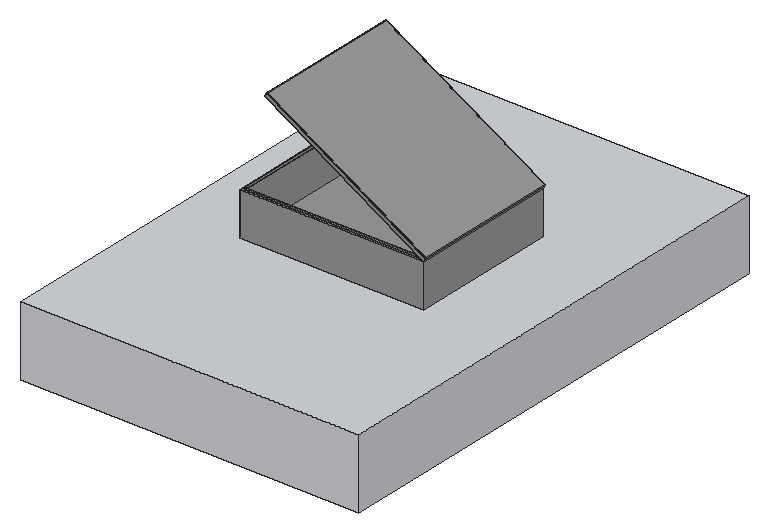
Revit family "Hager-Univers-IP44-D205-H650-Cl.II-Encl-AT-de", category Equipement électrique, Revit 2020
Family settings
  Hôte = Face
  Configuration du panneau = Deux colonnes, circuits au sein
  Cote de connecteur circulaire = Utiliser le diamètre
  Type d'élément = Tableau de raccordement
  Couper avec des vides une fois chargée = Non
  Partagée = Non
  Point de calcul de pièce = Non
Parameters (values of type "Aufputz IP44 B800 H650 T205  - FP43SN2")
  Width Control [instance] = if([EF000008 - Breite] > Min Width, [EF000008 - Breite], Min Width)  # 800 mm
  Commentaires du type = [HG000003 - Bereich]  # "Univers"
  Thickness Door [instance] = if([EF009171 - Materialstärke Tür/Deckel] > 3 mm, 3 mm, [EF009171 - Materialstärke Tür/Deckel])  # 1 mm
  Seal Frame Offset [instance] = 17 mm  # constant formula
  Plinth Visibility [instance] = [HG000027 - Sockelhöhe] > 0 mm  # no
  Model = ""
  Min Width [instance] = 100 mm  # constant formula
  Min Height [instance] = 100 mm  # constant formula
  Min Depth [instance] = (2 * [EF009170 - Materialstärke Gehäuse]) + 1 mm  # 3 mm
  Internal Frame Depth [instance] = (Door System Depth * 0.5)  # 9 mm
  Height Control [instance] = if([EF000040 - Höhe] > Min Height, [EF000040 - Höhe], Min Height)  # 650 mm
  HG000027 - Sockelhöhe = 0 mm
  HG000026 - Stehend auf dem Boden = no
  HG000024 - Höhe des unteren Teils = 800 mm
  HG000023 - Gehäuse mit doppeltem Querschnitt = no
  HG000016 - 3D-Türsichtbarkeit [instance] = yes
  HG000015 - Sichtbarkeit der Türöffnung [instance] = no
  HG000014 - Tür rechts [instance] = yes
  HG000013 - Tür links [instance] = not([HG000014 - Tür rechts])  # no
  HG000012 - Türschwenkwinkel [instance] = 30.00°
  HG000010 - Asymmetrische Türen = no
  HG000009 - Doppelflügeligen Tür = no
  HG000006 - Unterputz = no
  HG000004 - Herstellerreferenz = "FP43SN2"
  HG000003 - Bereich = "Univers"
  HG000002 - Mit tür = yes
  Frame Offset Bottom [instance] = 10 mm  # constant formula
  Frame Offset [instance] = 15 mm  # constant formula
  EF015940 - Deckel mit Überdruckentlastung = no
  EF011959 - Schutzart (NEMA) = ""
  EF009554 - Anzahl der Öffnungen für Flanschplatten = 6
  Fabricant = "Hager"  # constant formula
  EF009212 - Ausführung Deckel = "EV000116 - geschlossen"
  EF009171 - Materialstärke Tür/Deckel = 1 mm
  EF009170 - Materialstärke Gehäuse = 1 mm
  EF008873 - Nennstrom (In) = 250 A
  EF007800 - Geeignet für Blitzschutz = no
  EF006306 - Mit Schloss = no
  EF006244 - Transparenter Deckel/Tür = no
  EF005474 - Schutzart (IP) = "EV006418 - IP44"
  EF004464 - Art der Tür = "EV002646 - Einzel"
  EF004427 - Anzahl der Module = 144
  EF004293 - Schlagfestigkeit = "EV006815 - IK09"
  EF003532 - Geeignet für Außengebrauch = no
  EF002950 - Breite in Teilungseinheiten = 36
  EF001613 - Funktionserhalt = "EV000494 - ohne"
  EF001596 - Werkstoff des Gehäuses = "EV000179 - Stahl"
  EF001131 - Innentiefe = 143 mm
  EF001088 - Anbaumöglichkeit = yes
  EF000437 - Anzahl der Leitungseinführungen = 6
  EF000339 - Art der Abdeckung = "EV001012 - Deckel"
  EF000266 - Anzahl der Reihen = 4
  EF000218 - Einbautiefe = 205 mm
  EF000118 - Mit Montageplatte = no
  EF000116 - RAL-Nummer = "9010"
  EF000049 - Tiefe = 205 mm
  EF000040 - Höhe = 650 mm
  EF000008 - Breite = 800 mm
  EF000007 - Farbe = "EV000202 - weiß"
  EF000003 - Montageart = "EV000384 - Aufputz"
  Door System Leaf Tolerance [instance] = 1.5 mm  # constant formula
  Door System Depth [instance] = 18 mm  # constant formula
  Door Height [instance] = Height Control - [HG000027 - Sockelhöhe]  # 650 mm
  Depth Control [instance] = if([EF000049 - Tiefe] > Min Depth, [EF000049 - Tiefe], Min Depth)  # 205 mm
  Default Elevation = 0 mm
  Connector Offset [instance] = Height Control / 2  # 325 mm
  Bottom Top Plate Trim [instance] = 1.5 mm  # constant formula
  Plinth height Ctrl [instance] = if([HG000027 - Sockelhöhe] > 0 mm, [HG000027 - Sockelhöhe], 12 mm)  # 12 mm
Types (5, lengths in mm): name | Width Control | HG000010 - Asymmetrische Türen | HG000009 - Doppelflügeligen Tür | HG000004 - Herstellerreferenz | EF009554 - Anzahl der Öffnungen für Flanschplatten | EF004464 - Art der Tür | EF004427 - Anzahl der Module | EF002950 - Breite in Teilungseinheiten | EF000437 - Anzahl der Leitungseinführungen | EF000008 - Breite
  Aufputz IP44 B1050 H650 T205  - FP44SN2 | 1050 | no | yes | "FP44SN2" | 8 | "EV003602 - Doppel" | 192 | 48 | 8 | 1050
  Aufputz IP44 B1300 H650 T205  - FP45SN2 | 1300 | yes | yes | "FP45SN2" | 10 | "EV003602 - Doppel" | 240 | 60 | 10 | 1300
  Aufputz IP44 B300 H650 T205  - FP41SN2 | 300 | no | no | "FP41SN2" | 2 | "EV002646 - Einzel" | 48 | 12 | 2 | 300
  Aufputz IP44 B550 H650 T205  - FP42SN2 | 550 | no | no | "FP42SN2" | 4 | "EV002646 - Einzel" | 96 | 24 | 4 | 550
  Aufputz IP44 B800 H650 T205  - FP43SN2 | 800 | no | no | "FP43SN2" | 6 | "EV002646 - Einzel" | 144 | 36 | 6 | 800
Reference planes
  plane 1 "Center (Front/Back)": y = 0
  plane 2: z = 0
  plane 3 "Center (Left/Right)": x = 0
  plane 4: z = 205
  plane 5: y = 1
  plane 6: y = 325
  plane 7: y = 0
  plane 8: y = 650
  plane 9: z = 0
  plane 10: x = -385
  plane 11: x = 385
  plane 12: x = 384
  plane 13: x = -384
  plane 14: y = 649
  plane 15: x = -383
  plane 16: x = -400
  plane 17: x = 383
  plane 18: x = 400
  plane 19: x = 399
  plane 20: x = -399
  plane 21: y = 11
  plane 22: y = 650
  plane 23: y = 634
  plane 24: z = 187
  plane 25: z = 1
  plane 26: z = 186
  plane 27: z = 204
Forms (mm)
  Extrusion 1, solid
    sketch origin (0, 0, 0) x (1, 0, 0) y (0, 1, 0)
      loop
        line (-702.964, 1305) -> (-702.964, -811.445) -> (766.763, -811.445) -> (766.763, 1305) -> (-702.964, 1305)
    from 0 to -304.8
  Extrusion 2, solid, material "Hager_Steel_RAL7035_Light_Grey", visible <- "Plinth Visibility", detail levels medium+fine
    sketch origin (0, 0, 0) x (1, 0, 0) y (0, 1, 0)
      loop
        line (-400, 0) -> (400, 0) -> (400, 12) -> (-400, 12) -> (-400, 0)
    from 0 to 187
  Extrusion 3, solid, material "Hager_Steel_RAL7035_Light_Grey", detail levels medium+fine
    sketch origin (0, 0, 0) x (1, 0, 0) y (0, 1, 0)
      loop
        line (-400, 0) -> (400, 0) -> (400, 650) -> (-400, 650) -> (-400, 0)
    from 0 to 187
  Extrusion 4, void
    sketch origin (0, 0, 0) x (1, 0, 0) y (0, 1, 0)
      loop
        line (-399, 1) -> (399, 1) -> (399, 649) -> (-399, 649) -> (-399, 1)
    from 1 to 186
  Extrusion 5, void
    sketch origin (-381.607, -4572, 187) x (0, -1, 0) y (-1, 0, 0)
      loop
        line (-4583, 2.393) -> (-5206, 2.393) -> (-5206, -765.607) -> (-4583, -765.607) -> (-4583, 2.393)
    from 0 to 1 <- "EF009170 - Materialstärke Gehäuse"
  Extrusion 6, solid, material "Hager_Steel_RAL7035_Light_Grey", detail levels fine
    sketch origin (0, 0, 187) x (1, 0, 0) y (0, 1, 0)
      loop
        line (-384, 634) -> (-384, 11) -> (384, 11) -> (384, 634) -> (-384, 634)
      loop
        line (-385, 10) -> (385, 10) -> (385, 635) -> (-385, 635) -> (-385, 10)
    from 0 to 9 <- "Internal Frame Depth"
  Extrusion 7, solid, material "Hager_Steel_RAL7035_Light_Grey", detail levels coarse
    sketch origin (0, 0, 0) x (1, 0, 0) y (0, 1, 0)
      loop
        line (-400, 0) -> (400, 0) -> (400, 650) -> (-400, 650) -> (-400, 0)
    from 0 to 205
  Sweep 8, void
    path in 3D
      loop
        line (-400, 12, 0) -> (400, 12, 0) -> (400, 12, 187) -> (-400, 12, 187) -> (-400, 12, 0)
    profile origin (-400, 12, 93.5) x (-1, 0, 0) y (0, -1, 0)
      loop
        line (0, 0) -> (0, 1.5) -> (-1.5, 1.5)
        arc (-1.5, 1.5) -> (-1.061, 0.439) -> (0, 0) r 1.5
Cuts and joins
  Extrusion 4, Extrusion 5 cuts Extrusion 3
  Sweep 8 cuts Extrusion 2
Lines and regions (mm)
  Masking region 1
    outline origin (0, 0, 0) x (1, 0, 0) y (0, 0, 1)
      loop
        line (-400, 205) -> (-400, 0) -> (400, 0) -> (400, 205) -> (-400, 205)
  Masking region 2, detail levels medium+fine
    outline origin (0, 140, 0) x (0, 1, 0) y (0, 0, 1)
      loop
        line (-140, 0) -> (510, 0) -> (510, 187) -> (-140, 187) -> (-140, 0)
  Masking region 3, not visible, detail levels medium+fine
    outline origin (0, 297.922, 0) x (0, 1, 0) y (0, 0, 1)
      loop
        line (38.578, 0) -> (78.578, 0) -> (78.578, 194)
        arc (78.578, 194) -> (75.649, 201.071) -> (68.578, 204) r 10
        line (68.578, 204) -> (38.578, 204) -> (38.578, 0)
  Masking region 4, detail levels coarse
    outline origin (0, 0, 180) x (0, 1, 0) y (0, 0, 1)
      loop
        line (0, -180) -> (650, -180) -> (650, 25) -> (0, 25) -> (0, -180)
  Masking region 5, visible <- "Plinth Visibility", detail levels medium+fine
    outline origin (0, 52.24, 12.345) x (0, 0, -1) y (0, 1, 0)
      loop
        line (10.845, -40.24) -> (-173.155, -40.24)
        arc (-173.155, -40.24) -> (-173.594, -41.301) -> (-174.655, -41.74) r 1.5
        line (-174.655, -41.74) -> (-174.655, -52.24) -> (12.345, -52.24) -> (12.345, -41.74)
        arc (12.345, -41.74) -> (11.285, -41.301) -> (10.845, -40.24) r 1.5
  Masking region 6, detail levels medium+fine
    outline origin (-381.607, -4572, 187) x (-1, 0, 0) y (0, -1, 0)
      loop
        line (18.393, -5222) -> (18.393, -4572) -> (-781.607, -4572) -> (-781.607, -5222) -> (18.393, -5222)
  Masking region 7, visible <- "Plinth Visibility", detail levels medium+fine
    outline origin (-381.607, -4727, 187) x (-1, 0, 0) y (0, -1, 0)
      loop
        arc (16.893, -4739) -> (17.332, -4737.939) -> (18.393, -4737.5) r 1.5
        line (18.393, -4737.5) -> (18.393, -4727) -> (-781.607, -4727) -> (-781.607, -4737.5)
        arc (-781.607, -4737.5) -> (-780.546, -4737.939) -> (-780.107, -4739) r 1.5
        line (-780.107, -4739) -> (16.893, -4739)
  Masking region 8, detail levels coarse
    outline origin (-442.548, -4669.526, 187) x (-1, 0, 0) y (0, -1, 0)
      loop
        line (-42.548, -5319.526) -> (-42.548, -4669.526) -> (-842.548, -4669.526) -> (-842.548, -5319.526) -> (-42.548, -5319.526)
  sketch lines
    curve 1: line (-400, 12, 187) -> (-400, 12, 0)
    curve 2: line (400, 12, 187) -> (-400, 12, 187)
    curve 3: line (400, 12, 187) -> (400, 12, 0)
    curve 4: line (-400, 12, 0) -> (400, 12, 0)
Dimensions and locks
  "Depth Control": plane 4 to Extrusion 1
  "HG000027 - Sockelhöhe": plane 1 "Center (Front/Back)" to plane 7
  "EF009170 - Materialstärke Gehäuse": plane 5 to plane 7
  locked: connector elem to plane 3 "Center (Left/Right)"
  equal spacing: plane 8, plane 6, plane 7
  locked: connector elem to plane 6
  "EF009170 - Materialstärke Gehäuse": plane 8 to plane 14
  "EF009170 - Materialstärke Gehäuse": plane 10 to plane 13
  "EF009170 - Materialstärke Gehäuse": plane 12 to plane 11
  "Frame Offset": plane 20 to plane 13
  "Frame Offset": plane 12 to plane 19
  "EF009170 - Materialstärke Gehäuse": plane 16 to plane 20
  "EF009170 - Materialstärke Gehäuse": plane 19 to plane 18
  "Seal Frame Offset": plane 16 to plane 15
  "Seal Frame Offset": plane 17 to plane 18
  "Frame Offset Bottom": plane 21 to plane 5
  "Frame Offset": plane 14 to plane 23
  equal spacing: plane 16, plane 3 "Center (Left/Right)", plane 18
  "Width Control": plane 16 to plane 18
  "EF009170 - Materialstärke Gehäuse": plane 4 to plane 27
  "EF009170 - Materialstärke Gehäuse": plane 24 to plane 26
  "EF009170 - Materialstärke Gehäuse": plane 25 to level
  "Door System Depth": plane 4 to plane 24
  "Height Control": plane 1 "Center (Front/Back)" to Extrusion 7 sketch curve
  "Height Control": Masking region 4 sketch curve to plane 1 "Center (Front/Back)"
  "Height Control": plane 1 "Center (Front/Back)" to plane 22
  "Bottom Top Plate Trim": profile plane to Sweep 8 sketch curve
  "Bottom Top Plate Trim": Sweep 8 sketch curve to profile plane
  "Plinth height Ctrl": plane 1 "Center (Front/Back)" to Extrusion 2 sketch curve
  "Plinth height Ctrl": Masking region 5 sketch curve to plane 1 "Center (Front/Back)"
  "Plinth height Ctrl": plane 1 "Center (Front/Back)" to Masking region 7 sketch curve
  "Thickness Door": Extrusion 6 sketch curve to Extrusion 6 sketch curve  (x3)
  "Thickness Door": cut or joined group of Extrusion 3, Extrusion 4, Extrusion 5 to Extrusion 6 sketch curve
  radius of Masking region 3 sketch curve = 10 mm
  "Bottom Top Plate Trim": radius of Masking region 5 sketch curve  (x2)
  "Bottom Top Plate Trim": radius of Sweep 8 sketch curve
  "Bottom Top Plate Trim": radius of Masking region 7 sketch curve  (x2)
  aligned and locked: plane 2 to Extrusion 1
  aligned and locked: level to Extrusion 1
  aligned and locked: level to Masking region 1 sketch curve
  aligned and locked: Masking region 1 sketch curve to plane 18
  aligned and locked: Masking region 1 sketch curve to plane 16
  aligned and locked: plane 7 to Masking region 2 sketch curve
  aligned and locked: level to Masking region 3 sketch curve
  aligned and locked: Masking region 3 sketch curve to plane 27
  aligned and locked: level to Masking region 2 sketch curve
  aligned and locked: plane 1 "Center (Front/Back)" to Extrusion 2 sketch curve
  aligned and locked: Extrusion 3 sketch curve to plane 7
  aligned and locked: plane 16 to Extrusion 3 sketch curve
  aligned and locked: plane 18 to Extrusion 3 sketch curve
  aligned and locked: plane 20 to Extrusion 4 sketch curve
  aligned and locked: plane 19 to Extrusion 4 sketch curve
  aligned and locked: Extrusion 4 sketch curve to plane 5
  aligned and locked: Extrusion 4 to plane 25
  aligned and locked: plane 26 to Extrusion 4
  aligned and locked: plane 24 to Extrusion 3
  aligned and locked: Extrusion 5 sketch curve to plane 21
  aligned and locked: Extrusion 5 sketch curve to plane 13
  aligned and locked: Extrusion 5 sketch curve to plane 12
  aligned and locked: plane 18 to Extrusion 7 sketch curve
  aligned and locked: plane 1 "Center (Front/Back)" to Extrusion 7 sketch curve
  aligned and locked: plane 16 to Extrusion 7 sketch curve
  aligned and locked: plane 4 to Extrusion 7
  aligned and locked: Extrusion 7 to level
  aligned and locked: level to Masking region 4 sketch curve
  aligned and locked: Masking region 4 sketch curve to plane 1 "Center (Front/Back)"
  aligned and locked: Masking region 4 sketch curve to plane 4
  aligned and locked: nested 1 to level
  aligned and locked: nested 1 to plane 16
  aligned and locked: plane 8 to Extrusion 3 sketch curve
  aligned and locked: plane 23 to Extrusion 5 sketch curve
  aligned and locked: plane 14 to Extrusion 4 sketch curve
  aligned and locked: Masking region 2 sketch curve to plane 8
  aligned and locked: level to Masking region 5 sketch curve
  aligned and locked: plane 16 to Extrusion 2 sketch curve
  aligned and locked: plane 18 to Extrusion 2 sketch curve
  aligned and locked: Masking region 5 sketch curve to plane 24
  aligned and locked: Masking region 2 sketch curve to plane 24
  aligned and locked: plane 24 to Extrusion 2
  aligned and locked: profile plane to Sweep 8 sketch curve  (x2)
  aligned and locked: Masking region 6 sketch curve to plane 18
  aligned and locked: Masking region 6 sketch curve to plane 22
  aligned and locked: Masking region 6 sketch curve to plane 16
  aligned and locked: plane 8 to plane 22
  aligned and locked: Masking region 6 sketch curve to plane 7
  aligned and locked: Masking region 7 sketch curve to plane 16
  aligned and locked: Masking region 7 sketch curve to plane 1 "Center (Front/Back)"
  aligned and locked: Masking region 7 sketch curve to plane 18
  aligned and locked: Masking region 8 sketch curve to plane 1 "Center (Front/Back)"
  aligned and locked: Masking region 8 sketch curve to plane 18
  aligned and locked: Masking region 8 sketch curve to plane 22
  aligned and locked: Masking region 8 sketch curve to plane 16
  aligned and locked: nested 2 to plane 7
  aligned and locked: plane 3 "Center (Left/Right)" to nested 2
  aligned and locked: nested 2 to plane 24
  aligned and locked: Extrusion 6 sketch curve to cut or joined group of Extrusion 3, Extrusion 4, Extrusion 5  (x4)
Automatic sketch dimensions
  Extrusion 1 sketch curve to Extrusion 1 sketch curve = 1469.727 mm
  Extrusion 1 sketch curve to Extrusion 1 sketch curve = 2116.445 mm
  Masking region 1 sketch curve to plane 4 = 0 mm
  plane 6 to Masking region 3 sketch curve = 11.5 mm
  Masking region 3 sketch curve to Masking region 3 sketch curve = 30 mm
  Masking region 5 sketch curve to plane 1 "Center (Front/Back)" = 0 mm
Nested families
  nested 1: "Hager_Enclosure_Symbol" at (-400, 0, 0) x (1, 0, 0) z (0, -1, 0), Height <- "Depth Control", Width <- "Width Control", type "Hager_Enclosure_Symbol"
    with Width_Ctrl 800 mm, Width 800 mm, Height_Ctrl 205 mm, Height 205 mm, A_Width_Int 13.453 mm, A_Width 161.438 mm, A_Height_Ctrl 179.375 mm, A_Height 179.375 mm
  nested 2: "EC000058_Univers_Door" at (0, 0, 187) x (1, 0, 0) z (0, 1, 0), Leaf_Tolerance <- "Door System Leaf Tolerance", Angle <- "HG000012 - Türschwenkwinkel", Door_Depth <- "Door System Depth", Door_Left <- "HG000013 - Tür links", Transparent <- "EF006244 - Transparenter Deckel/Tür", Assymetrical <- "HG000010 - Asymmetrische Türen", Width <- "Width Control", Clearance <- "HG000015 - Sichtbarkeit der Türöffnung", Double <- "HG000009 - Doppelflügeligen Tür", 3d_Door <- "HG000016 - 3D-Türsichtbarkeit", Lock_Visibility <- "EF006306 - Mit Schloss", Width_Ctrl <- "Width Control", Door_Right <- "HG000014 - Tür rechts", Door <- "HG000002 - Mit tür", Height <- "Door Height", Thickness <- "Thickness Door", type "EC000058_Univers_Door", detail levels medium+fine
    with min_wh 3 mm, Width_Ctrl 800 mm, Width 800 mm, Transparent no, Thickness 1 mm, Seal_Material Hager_Rubber, Lock_Visibility no, Lock_Material Hager_Plastic_RAL9005_Jet_Black, Leaf_Width 800 mm, Leaf_Tolerance_External_Sides 0 mm, Leaf_Tolerance 1.5 mm, Leaf_Offset 0 mm, Leaf_Height 647 mm, Leaf_2_Width 800 mm, Leaf_2_Offset 400 mm, Leaf_1_Width 800 mm, Leaf_1_Offset 400 mm, Height_Ctrl 650 mm, Height 650 mm, Glass_Material Hager_Glass, Double_Clearance_Ctrl no, Double no, Door_Right_Ctrl yes, Door_Right yes, Door_Material Hager_Steel_RAL7035_Light_Grey, Door_Left_Ctrl no, Door_Left no, Door_Depth 18 mm, Door yes, Clearance_Material Hager_Clearance, Clearance_Depth 800 mm, Clearance_Ctrl no, Clearance no, Assymetrical no, Angle 30.00°, 3d_Door yes
Connectors
  electrical at (0, 325, 0)
    settings: on plane 9, index 1, voltage 0 V, apparent load 0 VA, apparent load phase1 0 VA, apparent load phase2 0 VA, apparent load phase3 0 VA, power factor 1, load classification "Other", number of poles 1, system type 30, power factor state 1, is connector primary yes, connector utility no, sub classification motor no, connector description ""
Definition of nested family "EC000058_Univers_Door"
  Parameters (values of type "EC000058_Univers_Door")
    min_wh [instance] = (2 * Thickness) + 1 mm  # 11 mm
    Width_Ctrl [instance] = 400 mm
    Width [instance] = 500 mm
    Transparent [instance] = yes
    Thickness [instance] = 5 mm
    Seal_Material [instance] = none
    Lock_Visibility [instance] = yes
    Lock_Material [instance] = none
    Leaf_Width [instance] = if((Width_Ctrl - 2 * Leaf_Tolerance_External_Sides) > 0 mm, (Width_Ctrl - 2 * Leaf_Tolerance_External_Sides), min_wh)  # 400 mm
    Leaf_Tolerance_External_Sides [instance] = 0 mm  # constant formula
    Leaf_Tolerance [instance] = 1.5 mm
    Leaf_Offset [instance] = 0 mm  # constant formula
    Leaf_Height [instance] = if((Height_Ctrl - 2 * Leaf_Tolerance) > 0 mm, (Height_Ctrl - 2 * Leaf_Tolerance), min_wh)  # 497 mm
    Leaf_2_Width [instance] = if(and(and(Double, Assymetrical), Door_Left), (Leaf_Width / 3) - (Leaf_Tolerance / 2), if(and(and(Double, Assymetrical), Door_Right), (Leaf_Width / 3) * 2 - (Leaf_Tolerance / 2), if(and(Double, not(Assymetrical)), (Leaf_Width / 2) - Leaf_Tolerance, Leaf_Width)))  # 400 mm
    Leaf_2_Offset [instance] = if(and(Double, Assymetrical), Leaf_2_Width / 2, if(and(Double, not(Assymetrical)), Leaf_Width / 4, Leaf_Width / 2))  # 200 mm
    Leaf_1_Width [instance] = if(and(and(Double, Assymetrical), Door_Right), (Leaf_Width / 3) - (Leaf_Tolerance / 2), if(and(and(Double, Assymetrical), Door_Left), (Width / 3) * 2 - (Leaf_Tolerance / 2), if(and(Double, not(Assymetrical)), (Leaf_Width / 2) - Leaf_Tolerance, Leaf_Width)))  # 400 mm
    Leaf_1_Offset [instance] = if(and(Double, Assymetrical), Leaf_1_Width / 2, if(and(Double, not(Assymetrical)), Leaf_Width / 4, Leaf_Width / 2))  # 200 mm
    Height_Ctrl [instance] = if(Height > min_wh, Height, min_wh)  # 500 mm
    Height [instance] = 500 mm
    Glass_Material [instance] = none
    Double_Clearance_Ctrl [instance] = and(Double, Clearance)  # no
    Double [instance] = no
    Door_Right_Ctrl [instance] = and(or(Door_Right, Double), Door)  # yes
    Door_Right [instance] = yes
    Door_Material [instance] = none
    Door_Left_Ctrl [instance] = and(or(Door_Left, Double), Door)  # no
    Door_Left [instance] = no
    Door_Depth [instance] = 30 mm
    Door [instance] = yes
    Default Elevation = 1219.2 mm
    Clearance_Material [instance] = none
    Clearance_Depth [instance] = if(Leaf_1_Width > Leaf_2_Width, Leaf_1_Width, Leaf_2_Width)  # 400 mm
    Clearance_Ctrl [instance] = and(not(Double), Clearance)  # yes
    Clearance [instance] = yes
    Assymetrical [instance] = yes
    Angle [instance] = 30.00°
    3d_Door [instance] = yes
  Reference planes
    plane 1 "Center (Front/Back)": y = 0
    plane 2 "Bottom": z = 0
    plane 3 "Center (Left/Right)": x = 0
    plane 4: z = 500
    plane 5: x = -200
    plane 6: x = 200
    plane 7: z = 500
    plane 8: x = -200
    plane 9: z = 0
    plane 10: x = 200
    plane 11: y = 0
    plane 12: z = 1.5
    plane 13: x = -600
    plane 14: y = -400
    plane 15: x = 600
    plane 16: x = 0
    plane 17: x = 0
    plane 18: x = -200
    plane 19: x = 200
    plane 20: z = 498.5
  Forms (mm)
    Extrusion 1, solid, material <- "Clearance_Material", visible <- "Double_Clearance_Ctrl"
      sketch origin (1200, 0, 0) x (1, 0, 0) y (0, 0, -1)
        loop
          line (-1800, -498.5) -> (-600, -498.5) -> (-600, 0) -> (-1800, 0) -> (-1800, -498.5)
      from 0 to -400
  Dimensions and locks
    equal spacing: plane 5, plane 3 "Center (Left/Right)", plane 6
    "Width_Ctrl": plane 5 to plane 6
    "Leaf_Offset": plane 5 to plane 8
    "Leaf_Offset": plane 6 to plane 10
    "Leaf_Offset": plane 9 to level
    "Leaf_Offset": plane 4 to plane 7
    "Height_Ctrl": plane 4 to level
    "Leaf_Tolerance": plane 12 to plane 9
    locked: plane 11 to plane 1 "Center (Front/Back)"
    "Leaf_1_Offset": plane 18 to plane 16
    "Leaf_2_Offset": plane 17 to plane 19
    "Leaf_1_Width": plane 13 to plane 8
    "Leaf_2_Width": plane 10 to plane 15
    "Clearance_Depth": plane 14 to plane 1 "Center (Front/Back)"
    "Leaf_Tolerance_External_Sides": plane 8 to plane 18
    "Leaf_Tolerance_External_Sides": plane 19 to plane 10
    "Leaf_Tolerance": plane 7 to plane 20
    aligned and locked: level to plane 2 "Bottom"
    aligned and locked: nested 1 to plane 16
    aligned and locked: nested 2 to plane 17
    aligned and locked: Extrusion 1 to plane 13
    aligned and locked: plane 15 to Extrusion 1
    aligned and locked: Extrusion 1 to plane 14
    aligned and locked: plane 12 to nested 1
    aligned and locked: nested 2 to plane 12
    aligned and locked: Extrusion 1 to plane 11
    aligned and locked: plane 20 to Extrusion 1
    aligned and locked: nested 2 to plane 11
    aligned and locked: nested 1 to plane 11
  Automatic sketch dimensions
    Extrusion 1 sketch curve to level = 0 mm
    plane 5 to Extrusion 1 sketch curve = 400 mm
    plane 6 to Extrusion 1 sketch curve = 400 mm
    Extrusion 1 sketch curve to plane 4 = 1.5 mm
  Nested families
    nested 1: "EC000058_Univers_Door_Leaf" at (0, 0, 1.5), Width <- "Leaf_1_Width", visible <- "Door_Left_Ctrl", Leaf_Height <- "Leaf_Height", Angle <- "Angle", 3d_Door <- "3d_Door", Transparent <- "Transparent", Clearance Material <- "Clearance_Material", Clearance <- "Clearance_Ctrl", Door_Material <- "Door_Material", Glass_Material <- "Glass_Material", Door_Depth <- "Door_Depth", Lock_Material <- "Lock_Material", Seal_Material <- "Seal_Material", Lock_Visibility <- "Lock_Visibility", Thickness <- "Thickness", type "EC000058_Univers_Door_Leaf"
      with Width 400 mm, Transparent_Glass_Offset 30 mm, Transparent_Ctrl yes, Transparent yes, Thickness 5 mm, Standard no, Seal_Material none, Seal_D2 8 mm, Seal_D1 1 mm, Offset_Internal_Frame 10 mm, Lock_Width 20 mm, Lock_Visibility_3d yes, Lock_Visibility yes, Lock_Thickness_3 3 mm, Lock_Thickness_2 1 mm, Lock_Thickness_1 3 mm, Lock_Radius_Offset_2 16 mm, Lock_Radius_Offset_1 15 mm, Lock_Radius_2 5 mm, Lock_Radius 6 mm, Lock_Offset 5 mm, Lock_Material none, Lock_Height 80 mm, Lock_Cover_Top_Offset_2d 17 mm, Lock_Cover_Height -65 mm, Leaf_Height 497 mm, Internal_Seal_Thickness 8 mm, Internal_Seal_Depth_2 4.5 mm, Internal_Frame_Depth 25 mm, Glass_Thickness -1 mm, Glass_Offset -2 mm, Glass_Material none, Door_Material none, Door_Depth 30 mm, Clearance Material none, Clearance yes, Angle_Ctrl 30.00°, Angle 30.00°, 3d_Door yes
    nested 2: "EC000058_Univers_Door_Leaf" at (0, 0, 1.5) x (-1, 0, 0) z (0, 0, 1), Width <- "Leaf_2_Width", visible <- "Door_Right_Ctrl", Leaf_Height <- "Leaf_Height", Angle <- "Angle", 3d_Door <- "3d_Door", Transparent <- "Transparent", Clearance Material <- "Clearance_Material", Clearance <- "Clearance_Ctrl", Door_Material <- "Door_Material", Glass_Material <- "Glass_Material", Door_Depth <- "Door_Depth", Lock_Material <- "Lock_Material", Seal_Material <- "Seal_Material", Lock_Visibility <- "Lock_Visibility", Thickness <- "Thickness", type "EC000058_Univers_Door_Leaf"
      with Width 400 mm, Transparent_Glass_Offset 30 mm, Transparent_Ctrl yes, Transparent yes, Thickness 5 mm, Standard no, Seal_Material none, Seal_D2 8 mm, Seal_D1 1 mm, Offset_Internal_Frame 10 mm, Lock_Width 20 mm, Lock_Visibility_3d yes, Lock_Visibility yes, Lock_Thickness_3 3 mm, Lock_Thickness_2 1 mm, Lock_Thickness_1 3 mm, Lock_Radius_Offset_2 16 mm, Lock_Radius_Offset_1 15 mm, Lock_Radius_2 5 mm, Lock_Radius 6 mm, Lock_Offset 5 mm, Lock_Material none, Lock_Height 80 mm, Lock_Cover_Top_Offset_2d 17 mm, Lock_Cover_Height -65 mm, Leaf_Height 497 mm, Internal_Seal_Thickness 8 mm, Internal_Seal_Depth_2 4.5 mm, Internal_Frame_Depth 25 mm, Glass_Thickness -1 mm, Glass_Offset -2 mm, Glass_Material none, Door_Material none, Door_Depth 30 mm, Clearance Material none, Clearance yes, Angle_Ctrl 30.00°, Angle 30.00°, 3d_Door yes
  Definition of nested family "EC000058_Univers_Door_Leaf"
    Parameters (values of type "EC000058_Univers_Door_Leaf")
      Width [instance] = 2000 mm
      Transparent_Glass_Offset [instance] = 30 mm
      Transparent_Ctrl [instance] = and(Transparent, [3d_Door])  # yes
      Transparent [instance] = yes
      Thickness [instance] = 5 mm
      Standard [instance] = and(not(Transparent), [3d_Door])  # no
      Seal_Material [instance] = none
      Seal_D2 [instance] = 8 mm  # constant formula
      Seal_D1 [instance] = 1 mm  # constant formula
      Offset_Internal_Frame [instance] = 10 mm  # constant formula
      Lock_Width [instance] = 20 mm  # constant formula
      Lock_Visibility_3d [instance] = and(Lock_Visibility, [3d_Door])  # yes
      Lock_Visibility [instance] = yes
      Lock_Thickness_3 [instance] = 3 mm  # constant formula
      Lock_Thickness_2 [instance] = 1 mm  # constant formula
      Lock_Thickness_1 [instance] = 3 mm  # constant formula
      Lock_Radius_Offset_2 [instance] = Lock_Radius_Offset_1 + 1 mm  # 16 mm
      Lock_Radius_Offset_1 [instance] = 15 mm  # constant formula
      Lock_Radius_2 [instance] = Lock_Radius - 1 mm  # 5 mm
      Lock_Radius [instance] = 6 mm  # constant formula
      Lock_Offset [instance] = 5 mm  # constant formula
      Lock_Material [instance] = none
      Lock_Height [instance] = 80 mm  # constant formula
      Lock_Cover_Top_Offset_2d [instance] = Lock_Radius_Offset_2 + 1 mm  # 17 mm
      Lock_Cover_Height [instance] = -(Lock_Height - Lock_Radius_Offset_1)  # -65 mm
      Leaf_Height [instance] = 2720.336 mm
      Internal_Seal_Thickness [instance] = 8 mm  # constant formula
      Internal_Seal_Depth_2 [instance] = 4.5 mm  # constant formula
      Internal_Frame_Depth [instance] = if(Door_Depth - Thickness > 5 mm, Door_Depth - Thickness, 5 mm)  # 25 mm
      Glass_Thickness [instance] = if(Thickness > 15 mm, Glass_Offset + 10 mm, -1 mm)  # -1 mm
      Glass_Offset [instance] = if(Thickness > 15 mm, -(Thickness + 10 mm) / 2, -2 mm)  # -2 mm
      Glass_Material [instance] = none
      Door_Material [instance] = none
      Door_Depth [instance] = 30 mm
      Default Elevation = 0 mm
      Clearance Material [instance] = none
      Clearance [instance] = yes
      Angle_Ctrl [instance] = if(Angle > 180.00°, 180.00°, Angle)  # 90.00°
      Angle [instance] = 90.00°
      3d_Door [instance] = yes
    Reference planes
      plane 1 "Center (Front/Back)": y = 0
      plane 2: z = 0
      plane 3 "Center (Left/Right)": x = 0
      plane 4: y = 2000
      plane 5: x = -1000
      plane 6: x = 1000
      plane 7: x = -3000
      plane 8: z = 2720.336
      plane 9: z = 30
      plane 10: z = 2690.336
      plane 11: x = 970
      plane 12: x = -970
      plane 13: y = -3
      plane 14: z = 107.833
      plane 15: y = -5
      plane 16: y = -223.314
      plane 17: x = -1000
      plane 18: z = 1360.168
      plane 19: y = 30
    Forms (mm)
      Extrusion 1, solid, material <- "Clearance Material", visible <- "Clearance"
        sketch origin (0, 0, 0) x (1, 0, 0) y (0, 0, 1)
          loop
            line (-3000, 2720.336) -> (-3000, 0) -> (1000, 0) -> (1000, 2720.336) -> (-3000, 2720.336)
        from 0 to -2000
      Extrusion 2, solid, material <- "Door_Material", visible <- "Standard", detail levels medium+fine
        sketch origin (-1000, 0, 0) x (0, 1, 0) y (-1, 0, 0)
          loop
            line (0, 30) -> (0, 25) -> (2000, 25) -> (2000, 30) -> (0, 30)
        from 0 to 2720.336 <- "Leaf_Height"
      Extrusion 3, solid, material <- "Door_Material", visible <- "Transparent_Ctrl", detail levels medium+fine
        sketch origin (-1000, 0, 0) x (0, 1, 0) y (-1, 0, 0)
          loop
            line (0, 25) -> (2000, 25) -> (2000, 30) -> (0, 30) -> (0, 25)
        from 0 to 2720.336 <- "Leaf_Height"
      Extrusion 4, void
        sketch origin (-1025, 2000, 0) x (0, 1, 0) y (0, 0, -1)
          loop
            line (-30, -2690.336) -> (-30, -30) -> (-1970, -30) -> (-1970, -2690.336) -> (-30, -2690.336)
        from 0 to 5 <- "Thickness"
      Sweep 5, solid, material <- "Seal_Material", visible <- "Transparent_Ctrl", detail levels fine
        path in 3D
          loop
            line (-1025, 30, 30) -> (-1025, 30, 2690.336) -> (-1025, 1970, 2690.336) -> (-1025, 1970, 30) -> (-1025, 30, 30)
        profile origin (-1025, 1000, 30) x (1, 0, 0) y (0, 0, 1)
          loop
            line (0, 0) -> (0, -8) -> (1, -8) -> (1, 0) -> (0, 0)
      Extrusion 6, solid, material <- "Glass_Material", visible <- "Transparent_Ctrl", detail levels medium+fine
        sketch origin (-1030, 0, 0) x (0, 1, 0) y (0, 0, -1)
          loop
            line (1970, -2690.336) -> (1970, -30) -> (30, -30) -> (30, -2690.336) -> (1970, -2690.336)
        from -2 <- "Glass_Offset" to -1 <- "Glass_Thickness"
      Extrusion 7, solid, material <- "Door_Material", visible <- "3d_Door", detail levels medium+fine
        sketch origin (-1025, 2000, 0) x (0, -1, 0) y (0, 0, -1)
          loop
            line (0, -2720.336) -> (2000, -2720.336) -> (2000, 0) -> (0, 0) -> (0, -2720.336)
          loop
            line (1995, -5) -> (5, -5) -> (5, -2715.336) -> (1995, -2715.336) -> (1995, -5)
        from 0 to 25 <- "Internal_Frame_Depth"
      Sweep 8, solid, material <- "Seal_Material", visible <- "Transparent_Ctrl", detail levels fine
        path in 3D
          loop
            line (-1025, 0, 0) -> (-1025, 2000, 0) -> (-1025, 2000, 2720.336) -> (-1025, 0, 2720.336) -> (-1025, 0, 0)
        profile origin (-1025, 0, 1360.168) x (1, 0, 0) y (0, 1, 0)
          loop
            line (0, 10) -> (2.975, 10)
            arc (2.975, 10) -> (4.053, 10.447) -> (4.5, 11.525) r 1.525
            line (4.5, 11.525) -> (4.5, 16.527)
            arc (4.5, 16.527) -> (4.069, 17.569) -> (3.027, 18) r 1.473
            line (3.027, 18) -> (0, 18) -> (0, 10)
      Extrusion 9, solid, material <- "Lock_Material", visible <- "Lock_Visibility_3d", detail levels fine
        sketch origin (-1030, 0, 0) x (0, 1, 0) y (0, 0, -1)
          loop
            arc (1993.5, -1400.168) -> (1994.561, -1399.729) -> (1995, -1398.668) r 1.5
            line (1995, -1398.668) -> (1995, -1320.168) -> (1975, -1320.168) -> (1975, -1398.668)
            arc (1975, -1398.668) -> (1975.439, -1399.729) -> (1976.5, -1400.168) r 1.5
            line (1976.5, -1400.168) -> (1993.5, -1400.168)
        from 3 <- "Lock_Thickness_1" to 0
      Blend 10, solid, material <- "Lock_Material", visible <- "Lock_Visibility_3d", detail levels fine
        base sketch origin (-1033, 0, 0) x (0, 1, 0) y (0, 0, -1)
          loop
            line (1975, -1320.168) -> (1975, -1398.668)
            arc (1975, -1398.668) -> (1975.439, -1399.729) -> (1976.5, -1400.168) r 1.5
            line (1976.5, -1400.168) -> (1993.5, -1400.168)
            arc (1993.5, -1400.168) -> (1994.561, -1399.729) -> (1995, -1398.668) r 1.5
            line (1995, -1398.668) -> (1995, -1320.168) -> (1975, -1320.168)
        top sketch origin (-1033, 0, 0) x (0, 1, 0) y (0, 0, -1)
          loop
            line (1976, -1320.168) -> (1976, -1398.668)
            arc (1976, -1398.668) -> (1976.146, -1399.022) -> (1976.5, -1399.168) r 0.5
            line (1976.5, -1399.168) -> (1993.5, -1399.168)
            arc (1993.5, -1399.168) -> (1993.854, -1399.022) -> (1994, -1398.668) r 0.5
            line (1994, -1398.668) -> (1994, -1320.168) -> (1976, -1320.168)
        from 0 to 1 <- "Lock_Thickness_2"
      Blend 11, solid, material <- "Lock_Material", visible <- "Lock_Visibility_3d", detail levels fine
        base sketch origin (-1034, 0, 0) x (0, 1, 0) y (0, 0, -1)
          loop
            line (1978, -1320.168) -> (1978, -1384.168)
            arc (1978, -1384.168) -> (1985, -1391.168) -> (1992, -1384.168) r 7
            line (1992, -1384.168) -> (1992, -1320.168) -> (1978, -1320.168)
        top sketch origin (-1034, 0, 0) x (0, 1, 0) y (0, 0, -1)
          loop
            line (1991, -1320.168) -> (1979, -1320.168) -> (1979, -1383.168)
            arc (1979, -1383.168) -> (1985, -1389.168) -> (1991, -1383.168) r 6
            line (1991, -1383.168) -> (1991, -1320.168)
        from 0 to 3 <- "Lock_Thickness_3"
      Extrusion 12, solid, material <- "Lock_Material", visible <- "Lock_Visibility_3d", detail levels fine
        sketch origin (-1030, 1975, 1320.168) x (1, 0, 0) y (0, -1, 0)
          loop
            line (-7, -19) -> (-7, -1) -> (0, -1) -> (0, 0) -> (-8, 0) -> (-8, -20) -> (0, -20) -> (0, -19) -> (-7, -19)
        from 0 to -65 <- "Lock_Cover_Height"
      Extrusion 13, void
        sketch origin (-1038, 1995, 1320.168) x (-1, 0, 0) y (0, 0, -1)
          loop
            line (-5, -65) -> (0, -65) -> (-5, -60) -> (-5, -65)
        from 0 to 20 <- "Lock_Width"
      Extrusion 14, void
        sketch origin (-1038, 1975, 1320.168) x (0, -1, 0) y (0, 0, -1)
          loop
            circle (-10, -15.995) r 6
          loop
            circle (-10, -15.995) r 5
        from 0 to 2
      Extrusion 15, solid, material <- "Lock_Material", visible <- "Lock_Visibility_3d", detail levels medium
        sketch origin (-1030, 0, 0) x (0, 1, 0) y (0, 0, -1)
          loop
            arc (1993.5, -1400.168) -> (1994.561, -1399.729) -> (1995, -1398.668) r 1.5
            line (1995, -1398.668) -> (1995, -1320.168) -> (1975, -1320.168) -> (1975, -1398.668)
            arc (1975, -1398.668) -> (1975.439, -1399.729) -> (1976.5, -1400.168) r 1.5
            line (1976.5, -1400.168) -> (1993.5, -1400.168)
        from 8 to 0
    Cuts and joins
      Extrusion 4 cuts Extrusion 3
      Extrusion 13, Extrusion 14 cuts Extrusion 9
      Extrusion 14 cuts Blend 11
      Extrusion 13, Extrusion 14 cuts Extrusion 12
      joined: Extrusion 9, Blend 10, Blend 11, Extrusion 12
      Extrusion 14 cuts Extrusion 15
    Lines and regions (mm)
      Masking region 1, visible <- "Lock_Visibility", detail levels fine
        outline origin (0, 0, 0) x (0, 1, 0) y (0, 0, 1)
          loop
            line (30, 1320.168) -> (33, 1320.168) -> (33, 1400.168) -> (30, 1400.168) -> (30, 1320.168)
      Masking region 2, visible <- "Lock_Visibility", detail levels fine
        outline origin (0, 3.143, 0) x (0, 1, 0) y (0, 0, 1)
          loop
            line (29.857, 1354.168) -> (30.857, 1354.168) -> (30.857, 1366.168) -> (29.857, 1366.168) -> (29.857, 1354.168)
      Masking region 3, detail levels medium+fine
        outline origin (0, 0, 0) x (0, 1, 0) y (0, 0, 1)
          loop
            line (0, 0) -> (30, 0) -> (30, 2720.336) -> (0, 2720.336) -> (0, 0)
      Masking region 4, detail levels medium+fine
        outline origin (0, 0, 0) x (1, 0, 0) y (0, 0, 1)
          loop
            line (-1000, 2720.336) -> (-1000, 0) -> (1000, 0) -> (1000, 2720.336) -> (-1000, 2720.336)
      Masking region 5, visible <- "Lock_Visibility", detail levels fine
        outline origin (-47.116, 0, 0) x (1, 0, 0) y (0, 0, 1)
          loop
            arc (1024.616, 1399.168) -> (1023.556, 1398.729) -> (1023.116, 1397.668) r 1.5
            line (1023.116, 1397.668) -> (1023.116, 1320.168) -> (1041.116, 1320.168) -> (1041.116, 1397.668)
            arc (1041.116, 1397.668) -> (1040.677, 1398.729) -> (1039.616, 1399.168) r 1.5
            line (1039.616, 1399.168) -> (1024.616, 1399.168)
      Masking region 6, visible <- "Lock_Visibility", detail levels medium+fine
        outline origin (-25, 0, 0) x (1, 0, 0) y (0, 0, 1)
          loop
            arc (1001.5, 1400.168) -> (1000.439, 1399.729) -> (1000, 1398.668) r 1.5
            line (1000, 1398.668) -> (1000, 1320.168) -> (1020, 1320.168) -> (1020, 1398.668)
            arc (1020, 1398.668) -> (1019.561, 1399.729) -> (1018.5, 1400.168) r 1.5
            line (1018.5, 1400.168) -> (1001.5, 1400.168)
      Masking region 7, visible <- "Lock_Visibility", detail levels fine
        outline origin (-73.735, 0, 0) x (1, 0, 0) y (0, 0, 1)
          loop
            line (1051.735, 1382.168) -> (1065.735, 1382.168) -> (1065.735, 1384.168)
            arc (1065.735, 1384.168) -> (1058.735, 1391.168) -> (1051.735, 1384.168) r 7
            line (1051.735, 1384.168) -> (1051.735, 1382.168)
      Masking region 8, visible <- "Lock_Visibility", detail levels fine
        outline origin (-73.735, 0, 0) x (1, 0, 0) y (0, 0, 1)
          loop
            line (1052.735, 1382.168) -> (1064.735, 1382.168) -> (1064.735, 1383.168)
            arc (1064.735, 1383.168) -> (1058.735, 1389.168) -> (1052.735, 1383.168) r 6
            line (1052.735, 1383.168) -> (1052.735, 1382.168)
      Masking region 9, visible <- "Lock_Visibility", detail levels fine
        outline origin (-25, 0, 0) x (1, 0, 0) y (0, 0, 1)
          loop
            line (1020, 1320.168) -> (1020, 1382.168) -> (1000, 1382.168) -> (1000, 1320.168) -> (1020, 1320.168)
      Masking region 10, detail levels medium+fine
        outline origin (0, 0, 0) x (1, 0, 0) y (0, 0, 1)
          loop
            circle (985, 1335.144) r 6
      Masking region 11, detail levels fine
        outline origin (0, 0, 0) x (1, 0, 0) y (0, 0, 1)
          loop
            circle (985, 1335.144) r 5
      Masking region 12, visible <- "Lock_Visibility", detail levels fine
        outline origin (0, 12.767, 0) x (0, 1, 0) y (0, 0, 1)
          loop
            line (20.233, 1320.168) -> (21.233, 1320.168) -> (21.233, 1399.168) -> (20.233, 1400.168) -> (20.233, 1320.168)
      Masking region 13, visible <- "Lock_Visibility", detail levels fine
        outline origin (0, 13.767, -10) x (0, 1, 0) y (0, 0, 1)
          loop
            line (20.233, 1330.168) -> (23.233, 1330.168) -> (23.233, 1399.168) -> (20.233, 1402.168) -> (20.233, 1330.168)
      Masking region 14, visible <- "Lock_Visibility", detail levels fine
        outline origin (0, 12.767, -10) x (0, 1, 0) y (0, 0, 1)
          loop
            line (20.233, 1330.168) -> (25.233, 1330.168) -> (25.233, 1399.305) -> (20.233, 1394.305) -> (20.233, 1330.168)
      Masking region 15, visible <- "Lock_Visibility", detail levels medium
        outline origin (0, 0, 0) x (0, 1, 0) y (0, 0, 1)
          loop
            line (30, 1320.168) -> (38, 1320.168) -> (38, 1400.168) -> (30, 1400.168) -> (30, 1320.168)
      Masking region 16, visible <- "Lock_Visibility", detail levels fine
        outline origin (-1000, 0, 0) x (0, 1, 0) y (-1, 0, 0)
          loop
            line (1975, 30) -> (1995, 30) -> (1995, 38) -> (1975, 38) -> (1975, 30)
          loop
            line (1979, 37) -> (1976, 37) -> (1976, 34) -> (1978, 34) -> (1979, 37)
          loop
            line (1994, 37) -> (1991, 37) -> (1992, 34) -> (1994, 34) -> (1994, 37)
      Masking region 17, visible <- "Lock_Visibility", detail levels medium
        outline origin (-1000, 0, 0) x (0, 1, 0) y (-1, 0, 0)
          loop
            line (1975, 30) -> (1995, 30) -> (1995, 38) -> (1975, 38) -> (1975, 30)
      symbolic lines
        curve 1: line (1000, 0, 0) -> (-3000, 0, 0)
        curve 2: arc (1000, 0, 0) -> (-1000, 2000, 0) -> (-3000, 0, 0) r 2000
        curve 4: line (-1030, 0, 0) -> (-1030, 2000, 0)
      reference lines
        curve 3: line (-1000, 0, 0) -> (-1000, 2000, 0)
      symbolic lines, detail levels medium+fine
        curve 5: line (-1030, 2000, 0) -> (-1025, 2000, 0)
        curve 7: line (-1025, 0, 0) -> (-1030, 0, 0)
        curve 8: line (-1025, 0, 0) -> (-1000, 0, 0)
        curve 9: line (-1000, 0, 0) -> (-1000, 2000, 0)
        curve 10: line (-1000, 2000, 0) -> (-1025, 2000, 0)
      symbolic lines, detail levels fine
        curve 6: line (-1025, 2000, 0) -> (-1025, 0, 0)
      sketch lines
        curve 11: line (-1025, 0, 2720.336) -> (-1025, 0, 0)
        curve 12: line (-1025, 2000, 0) -> (-1025, 0, 0)
        curve 13: line (-1025, 2000, 2720.336) -> (-1025, 2000, 0)
        curve 14: line (-1025, 0, 2720.336) -> (-1025, 2000, 2720.336)
        curve 15: line (-1025, 1970, 30) -> (-1025, 30, 30)
        curve 16: line (-1025, 30, 30) -> (-1025, 30, 2690.336)
        curve 17: line (-1025, 1970, 2690.336) -> (-1025, 1970, 30)
        curve 18: line (-1025, 30, 2690.336) -> (-1025, 1970, 2690.336)
      symbolic lines, visible <- "Transparent", detail levels medium+fine
        curve 19: line (-970, 0, 2690.336) -> (970, 0, 2690.336)
        curve 20: line (-970, 0, 30) -> (-970, 0, 2690.336)
        curve 21: line (970, 0, 30) -> (-970, 0, 30)
        curve 22: line (970, 0, 2690.336) -> (970, 0, 30)
    Dimensions and locks
      "Width": plane 1 "Center (Front/Back)" to plane 4
      equal spacing: plane 5, plane 3 "Center (Left/Right)", plane 6
      "Width": plane 5 to plane 6
      "Width": plane 7 to plane 5
      "Leaf_Height": plane 8 to level
      "Width": curve 5 to curve 3
      "Width": curve 3 to curve 3
      plane 8 to plane 10 = 30 mm
      plane 9 to level = 30 mm
      plane 12 to plane 5 = 30 mm
      plane 6 to plane 11 = 30 mm
      Extrusion 1 to Extrusion 4 sketch curve = 30 mm
      "Transparent_Glass_Offset": curve 3 to Extrusion 4 sketch curve
      "Transparent_Glass_Offset": Extrusion 4 sketch curve to cut or joined group of Extrusion 3, Extrusion 4  (x2)
      cut or joined group of Extrusion 3, Extrusion 4 to Extrusion 6 sketch curve = 30 mm
      "Transparent_Glass_Offset": cut or joined group of Extrusion 3, Extrusion 4 to Extrusion 4 sketch curve
      "Thickness": curve 6 to curve 4
      "Thickness": Extrusion 7 sketch curve to Extrusion 7 sketch curve  (x4)
      "Door_Depth": curve 4 to curve 3
      "Offset_Internal_Frame": profile plane to Sweep 8 sketch curve
      "Internal_Seal_Thickness": Sweep 8 sketch curve to Sweep 8 sketch curve
      "Internal_Seal_Depth_2": profile plane to Sweep 8 sketch curve
      "Seal_D1": profile plane to Sweep 5 sketch curve
      "Seal_D2": profile plane to Sweep 5 sketch curve
      "Thickness": Extrusion 2 sketch curve to Extrusion 2 sketch curve
      equal spacing: Extrusion 9 sketch curve, plane 18, Extrusion 9 sketch curve  (x2)
      equal spacing: Masking region 1 sketch curve, plane 18, Masking region 1 sketch curve
      "Lock_Height": Masking region 1 sketch curve to Masking region 1 sketch curve
      "Lock_Radius": Masking region 2 sketch curve to plane 18 to Masking region 2 sketch curve
      Masking region 2 sketch curve to Masking region 1 = 1 mm
      "Door_Depth": plane 19 to plane 1 "Center (Front/Back)"
      "Lock_Thickness_1": Masking region 1 sketch curve to plane 19
      "Lock_Width": Extrusion 9 sketch curve to Extrusion 9 sketch curve
      "Lock_Height": Extrusion 9 sketch curve to Extrusion 9 sketch curve
      "Lock_Offset": cut or joined group of Extrusion 3, Extrusion 4 to Extrusion 9 sketch curve
      equal spacing: plane 8, plane 18, level
      "Lock_Radius_Offset_1": Blend 11 sketch curve to Blend 10
      locked: Blend 10 to Blend 11 sketch curve at 2  (x2)
      locked: var sketch to Blend 11 sketch curve at 1  (x2)
      "Lock_Radius_Offset_2": Blend 11 sketch curve to Blend 10
      locked: Extrusion 12 sketch curve to Extrusion 12 sketch curve at 1  (x3)
      Masking region 6 sketch curve to Masking region 6 sketch curve = 80 mm
      "Lock_Height": Masking region 6 sketch curve to Masking region 6 sketch curve
      "Lock_Width": Masking region 6 sketch curve to Masking region 6 sketch curve
      locked: Masking region 6 to Masking region 5 sketch curve at 1  (x3)
      locked: Masking region 5 to Masking region 7 sketch curve at 2  (x2)
      "Lock_Radius_Offset_1": Masking region 5 to Masking region 7 sketch curve
      "Lock_Radius_Offset_2": Masking region 5 to Masking region 8 sketch curve
      locked: Masking region 7 to Masking region 8 sketch curve at 1  (x2)
      "Lock_Cover_Top_Offset_2d": Masking region 5 to Masking region 9 sketch curve
      equal spacing: Masking region 9, Masking region 10 sketch curve, Masking region 9
      equal spacing: Masking region 9, Masking region 11 sketch curve, Masking region 9
      Extrusion 15 sketch curve to Extrusion 15 sketch curve = 80 mm
      "Lock_Width": Extrusion 15 sketch curve to Extrusion 15 sketch curve
      "Lock_Height": Extrusion 15 sketch curve to Extrusion 15 sketch curve
      equal spacing: Extrusion 15 sketch curve, plane 18, Extrusion 15 sketch curve
      "Lock_Thickness_3": Masking region 13 sketch curve to Masking region 13 sketch curve
      "Lock_Height": Masking region 12 sketch curve to Masking region 12 sketch curve
      locked: Masking region 13 sketch curve to Masking region 1 at 8
      locked: Masking region 14 sketch curve to Masking region 13 at 1
      locked: Masking region 14 sketch curve to Masking region 1 at 10.863
      "Lock_Height": Masking region 15 sketch curve to Masking region 15 sketch curve
      "Lock_Offset": Extrusion 15 sketch curve to cut or joined group of Extrusion 3, Extrusion 4
      "Lock_Offset": plane 6 to Masking region 6 sketch curve
      radius of Sweep 8 sketch curve = 1.525 mm
      radius of Sweep 8 sketch curve = 1.473 mm
      radius of Extrusion 9 sketch curve = 1.5 mm  (x2)
      "Lock_Radius": radius of Extrusion 14 sketch curve
      "Lock_Radius_2": radius of Extrusion 14 sketch curve
      "Lock_Radius": radius of Masking region 10 sketch curve
      "Lock_Radius_2": radius of Masking region 11 sketch curve
      radius of Extrusion 15 sketch curve = 1.5 mm  (x2)
      "Angle_Ctrl": angle plane 1 "Center (Front/Back)" to curve 3
      locked: Masking region 12 sketch curve to Masking region 12 sketch curve (angle 45.00°)
      locked: Masking region 13 sketch curve to Masking region 13 sketch curve (angle 45.00°)
      locked: Masking region 14 sketch curve to Masking region 14 sketch curve (angle 45.00°)
      aligned and locked: level to plane 2
      aligned and locked: Extrusion 1 to curve 1
      aligned and locked: plane 6 to Extrusion 1
      aligned and locked: Extrusion 1 to plane 1 "Center (Front/Back)"
      aligned and locked: plane 4 to Extrusion 1
      aligned and locked: plane 8 to Extrusion 1
      aligned and locked: curve 7 to Extrusion 2 sketch curve
      aligned and locked: curve 5 to Extrusion 2 sketch curve
      aligned and locked: curve 7 to Extrusion 3 sketch curve
      aligned and locked: Extrusion 3 sketch curve to curve 4
      aligned and locked: Extrusion 3 sketch curve to curve 6
      aligned and locked: Extrusion 3 sketch curve to curve 5
      aligned and locked: curve 9 to curve 3
      aligned and locked: Extrusion 7 sketch curve to cut or joined group of Extrusion 3, Extrusion 4  (x4)
      aligned and locked: plane 17 to curve 3
      aligned and locked: plane 1 "Center (Front/Back)" to curve 3
      aligned and locked: plane 17 to plane 5
      aligned and locked: Sweep 8 sketch curve to profile plane
      aligned and locked: Sweep 5 sketch curve to profile plane  (x2)
      aligned and locked: Masking region 1 to Masking region 2 sketch curve
      aligned and locked: plane 19 to Masking region 1 sketch curve
      aligned and locked: plane 1 "Center (Front/Back)" to Masking region 3 sketch curve
      aligned and locked: plane 19 to Masking region 3 sketch curve
      aligned and locked: level to Masking region 3 sketch curve
      aligned and locked: Masking region 3 sketch curve to plane 8
      aligned and locked: plane 17 to Masking region 4 sketch curve
      aligned and locked: level to Masking region 4 sketch curve
      aligned and locked: Masking region 4 sketch curve to plane 8
      aligned and locked: plane 12 to curve 20
      aligned and locked: plane 10 to curve 19
      aligned and locked: plane 11 to curve 22
      aligned and locked: curve 21 to plane 9
      aligned and locked: Extrusion 2 sketch curve to cut or joined group of Extrusion 3, Extrusion 4
      aligned and locked: Blend 10 sketch curve to Extrusion 9  (x4)
      aligned and locked: Extrusion 9 to Blend 10 sketch curve
      aligned and locked: Blend 10 to Blend 11 sketch curve
      aligned and locked: Extrusion 12 sketch curve to Blend 11
      aligned and locked: Extrusion 12 sketch curve to Extrusion 9  (x4)
      aligned and locked: Masking region 5 sketch curve to Masking region 6
      aligned and locked: Masking region 9 sketch curve to Masking region 6  (x3)
      aligned and locked: Masking region 12 sketch curve to Masking region 1
      aligned and locked: Masking region 13 sketch curve to Masking region 1
      aligned and locked: Masking region 12 to Masking region 14
      aligned and locked: Masking region 14 sketch curve to Masking region 1
      aligned and locked: Masking region 15 sketch curve to Masking region 14
      aligned and locked: Masking region 13 sketch curve to Masking region 12
      aligned and locked: Masking region 16 sketch curve to cut or joined group of Extrusion 14, Extrusion 15  (x4)
      aligned and locked: Masking region 16 sketch curve to cut or joined group of Extrusion 9, Blend 10, Blend 11, Extrusion 12, Extrusion 13, Extrusion 14  (x6)
      aligned and locked: cut or joined group of Extrusion 9, Blend 10, Blend 11, Extrusion 12, Extrusion 13, Extrusion 14 to Masking region 16 sketch curve
      aligned and locked: Masking region 17 sketch curve to cut or joined group of Extrusion 14, Extrusion 15  (x3)
      aligned and locked: Masking region 17 sketch curve to cut or joined group of Extrusion 9, Blend 10, Blend 11, Extrusion 12, Extrusion 13, Extrusion 14
      aligned and locked: Masking region 9 to Masking region 8 sketch curve
      aligned and locked: Masking region 9 to Masking region 7 sketch curve
    Automatic sketch dimensions
      plane 1 "Center (Front/Back)" to curve 2 = 0 mm
      curve 2 to plane 5 = 0 mm
      Extrusion 1 sketch curve to level = 0 mm
      Extrusion 1 sketch curve to plane 7 = 0 mm
      Extrusion 1 sketch curve to plane 6 = 0 mm
      Extrusion 1 sketch curve to plane 8 = 0 mm
      Extrusion 3 to Extrusion 6 sketch curve = 30 mm  (x4)
      Masking region 4 sketch curve to plane 6 = 0 mm
      Blend 10 sketch curve to Extrusion 9 = 1.5 mm
      Blend 10 sketch curve to Extrusion 9 = 1 mm
      Extrusion 13 sketch curve to Extrusion 12 = 0 mm  (x2)
      Extrusion 12 to Extrusion 13 sketch curve = 3 mm
      Extrusion 13 sketch curve to Extrusion 12 = 5 mm
      Extrusion 14 sketch curve to Extrusion 14 sketch curve = 0 mm  (x2)
      Extrusion 14 sketch curve to Extrusion 12 = 10 mm
      Extrusion 14 sketch curve to Extrusion 12 = 15.995 mm
      Masking region 5 sketch curve to Masking region 5 sketch curve = 1.5 mm  (x2)
      Masking region 10 sketch curve to plane 18 = 25.024 mm
      Masking region 11 sketch curve to plane 18 = 25.024 mm
      plane 19 to Masking region 14 sketch curve = 3 mm
      Masking region 16 sketch curve to Masking region 16 sketch curve = 3 mm
      curve 4 to curve 3 = 0 mm
      Blend 10 to Blend 11 sketch curve = 0 mm
      Masking region 6 sketch curve to Masking region 6 sketch curve = 1.5 mm  (x2)
      Masking region 6 sketch curve to plane 18 = 40 mm
      plane 19 to Masking region 12 sketch curve = 3 mm
      Masking region 12 sketch curve to Masking region 12 sketch curve = 1 mm
      Masking region 15 sketch curve to plane 19 = 0 mm
      Masking region 15 sketch curve to plane 18 = 40 mm
      radius of Blend 10 sketch curve to Extrusion 9 = 1 mm
Definition of nested family "Hager_Enclosure_Symbol"
  Parameters (values of type "Hager_Enclosure_Symbol")
    Width_Ctrl [instance] = if(Width > 1 mm, Width, 1 mm)  # 102.27 mm
    Width [instance] = 102.27 mm
    Height_Ctrl [instance] = if(Height > 1 mm, Height, 1 mm)  # 66.5 mm
    A_Width_Int [instance] = if(A_Width / 12 > 2 mm, A_Width / 12, 2 mm)  # 4.364 mm
    A_Width [instance] = if(A_Height_Ctrl * 0.9 > 2 mm, A_Height_Ctrl * 0.9, 2 mm)  # 52.369 mm
    A_Height_Ctrl [instance] = if(A_Height > 2 mm, A_Height, 2 mm)  # 58.188 mm
    Height [instance] = 66.5 mm
    A_Height [instance] = Height - (Height / 8)  # 58.188 mm
  Reference planes
    plane 1 "Centre (avant/arrière)": y = 0
    plane 2: z = 0
    plane 3 "Centre (gauche/droite)": x = 0
    plane 4: x = 52.369
    plane 5: y = 33.042
    plane 6: y = 41.77
    plane 7: y = 66.5
    plane 8: x = 26.184
    plane 9: y = 37.406
    plane 10: x = 102.27
    plane 11: y = 66.5
    plane 12: y = 8.313
  Lines and regions (mm)
    Filled region 1, type "Solid_Black", in view "Niveau de réf."
      outline origin (0, 0, 0) x (1, 0, 0) y (0, 1, 0)
        loop
          line (52.369, 66.5) -> (33.188, 54.536) -> (45.365, 45.006) -> (52.369, 66.5)
    Filled region 2, type "Solid_Black", in view "Niveau de réf."
      outline origin (0, 0, 0) x (1, 0, 0) y (0, 1, 0)
        loop
          line (0, 0) -> (102.27, 0) -> (102.27, 66.5) -> (0, 0)
    detail lines, in view "Niveau de réf."
      curve 1: line (0, 8.313, 0) -> (26.184, 41.77, 0)
      curve 2: line (26.184, 41.77, 0) -> (26.184, 33.042, 0)
      curve 3: line (26.184, 33.042, 0) -> (52.369, 66.5, 0)
  Dimensions and locks
    "A_Width": plane 3 "Centre (gauche/droite)" to plane 4
    equal spacing: plane 3 "Centre (gauche/droite)", plane 8, plane 4
    equal spacing: plane 6, plane 9, plane 5
    equal spacing: curve 3, Filled region 1 sketch curve, Filled region 1 sketch curve
    "Height_Ctrl": plane 1 "Centre (avant/arrière)" to plane 11
    "A_Height_Ctrl": plane 11 to plane 12
    equal spacing: plane 11, plane 9, plane 12
    "A_Width_Int": plane 6 to plane 9
    "Width_Ctrl": plane 3 "Centre (gauche/droite)" to plane 10
    angle Filled region 1 sketch curve to curve 3 = 20.00°
    angle curve 3 to Filled region 1 sketch curve = 20.00°
    locked: curve 3 to Filled region 1 sketch curve (angle 90.00°)
    aligned and locked: plane 10 to Filled region 2
    aligned and locked: plane 11 to Filled region 2 sketch curve
    aligned and locked: plane 10 to Filled region 2 sketch curve
    aligned and locked: plane 3 "Centre (gauche/droite)" to curve 1
    aligned and locked: plane 12 to curve 1
    aligned and locked: plane 7 to plane 11
  Automatic sketch dimensions
    Filled region 1 sketch curve to plane 4 = 0 mm
    Filled region 1 sketch curve to plane 7 = 0 mm
    plane 1 "Centre (avant/arrière)" to Filled region 2 sketch curve = 0 mm
    Filled region 2 sketch curve to plane 3 "Centre (gauche/droite)" = 0 mm
    curve 2 to plane 6 = 0 mm
    curve 2 to plane 8 = 0 mm
    curve 3 to plane 4 = 0 mm
    curve 2 to plane 5 = 0 mm
    curve 3 to plane 7 = 0 mm
